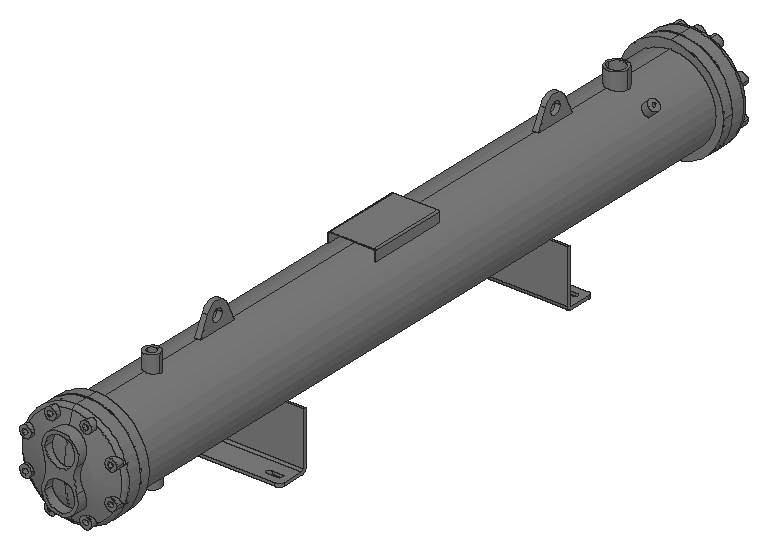
Revit family "MIT-BC_120_4P", category Specialty Equipment, Revit 2022
Family settings
  Round Connector Dimension = Use Radius
  Part Type = Normal
  Work Plane-Based = No
  Always vertical = Yes
  Cut with Voids When Loaded = No
  Maintain Annotation Orientation = No
  Shared = No
  Room Calculation Point = No
Parameters
  URL = "https://en.ekinendustriyel.com/evaporators-and-condensers"
  Test Pressure = 64.35 bar
  Production Standard = "TS EN 13831"
  Operating Pressure = 45.0 bar
  Model = "MIT-BC 120_4P"
  Manufacturer = "Ekin Endüstriyel"
  Keynote = "Condensers"
  Description = "MIT- Condensers"
  Default Elevation = 0 mm
Reference planes
  plane 1 "Center (Front/Back)": y = 0
  plane 2: z = 0
  plane 3 "Center (Left/Right)": x = 0
Forms (mm)
  Extrusion 1, solid, material "Ekin Endustriyel-S235JR", detail levels medium+fine
    sketch origin (0, 0, 0) x (1, 0, 0) y (0, 0, 1)
      loop
        circle (0, 164.15) r 84.15
    from -677.708 to 682.368
  Extrusion 2, solid, material "Ekin Endustriyel-S235JR", detail levels fine
    sketch origin (0, 0, 0) x (1, 0, 0) y (0, 0, 1)
      loop
        line (-45, 235.88) -> (-44, 235.88) -> (-44, 252.88)
        arc (-44, 252.88) -> (-43.414, 254.294) -> (-42, 254.88) r 2
        line (-42, 254.88) -> (42, 254.88)
        arc (42, 254.88) -> (43.414, 254.294) -> (44, 252.88) r 2
        line (44, 252.88) -> (44, 235.88) -> (45, 235.88) -> (45, 252.88)
        arc (45, 252.88) -> (44.121, 255.002) -> (42, 255.88) r 3
        line (42, 255.88) -> (-42, 255.88)
        arc (-42, 255.88) -> (-44.121, 255.002) -> (-45, 252.88) r 3
        line (-45, 252.88) -> (-45, 235.88)
    from -72.707 to 77.293
  Extrusion 3, solid, material "Ekin Endustriyel-S235JR", detail levels fine
    sketch origin (0, 297.897, 0) x (1, 0, 0) y (0, 1, 0)
      loop
        circle (1.19, 249.81) r 20.25
      loop
        circle (1.19, 249.81) r 16.251
    from 278.3 to 204.31
  Extrusion 4, solid, material "Ekin Endustriyel-S235JR", detail levels fine
    sketch origin (0, -301.958, 0) x (1, 0, 0) y (0, 1, 0)
      loop
        circle (1.19, -250.334) r 15.25
      loop
        circle (1.19, -250.334) r 8.928
    from 278.3 to 211.07
  Extrusion 5, solid, material "Ekin Endustriyel-S235JR", detail levels fine
    sketch origin (71.72, 547.563, 235.87) x (0, 1, 0) y (-0.707107, 0, 0.707107)
      loop
        circle (0, 0) r 11
      loop
        circle (0, 0) r 4.216
    from 0 to -32.02
  Extrusion 6, solid, material "Ekin Endustriyel-S235JR", detail levels fine
    sketch origin (0, -302.583, 0) x (1, 0, 0) y (0, 1, 0)
      loop
        circle (1.19, -249.709) r 16.75
      loop
        circle (1.19, -249.709) r 13.335
    from 51.131 to 169.15
  Extrusion 7, solid, material "Ekin Endustriyel-S235JR", detail levels medium+fine
    sketch origin (0, -352.034, 0) x (1, 0, 0) y (0, 0, 1)
      loop
        circle (0, 164.15) r 100
    from 330.334 to 350.334
  Extrusion 8, solid, material "Ekin Endustriyel-S235JR", detail levels medium+fine
    sketch origin (0, 978.042, 0) x (1, 0, 0) y (0, 0, 1)
      loop
        circle (0, 164.15) r 100
    from 280.334 to 300.334
  Revolve 9, solid, material "Ekin Endustriyel-S235JR", detail levels medium+fine
    sketch origin (0, -352.034, 0) x (0, 1, 0) y (0, 0, 1)
      loop
        line (-352.334, 264.15) -> (-377.299, 264.15)
        arc (-377.299, 264.15) -> (-382.802, 262.5) -> (-386.489, 258.094) r 10
        arc (-386.489, 258.094) -> (-401.262, 212.101) -> (-407.122, 164.15) r 255.705
        line (-407.122, 164.15) -> (-352.334, 164.15) -> (-352.334, 264.15)
      axis (-352.334, 164.15) -> (-407.122, 164.15)
    angle from 0 to 360
  Extrusion 10, solid, material "Ekin Endustriyel-S235JR", detail levels medium+fine
    sketch origin (0, 347.373, 0) x (1, 0, 0) y (0, 0, -1)
      loop
        circle (0, -164.15) r 100
    from 330.334 to 350.334
  Revolve 11, solid, material "Ekin Endustriyel-S235JR", detail levels medium+fine
    sketch origin (0, 347.373, 0) x (0, -1, 0) y (0, 0, -1)
      loop
        line (-352.334, -264.15) -> (-352.334, -164.15) -> (-407.122, -164.15)
        arc (-407.122, -164.15) -> (-401.262, -212.101) -> (-386.489, -258.094) r 255.705
        arc (-386.489, -258.094) -> (-382.802, -262.5) -> (-377.299, -264.15) r 10
        line (-377.299, -264.15) -> (-352.334, -264.15)
      axis (-352.334, -164.15) -> (-407.122, -164.15)
    angle from 0 to 360
  Extrusion 12, solid, material "Ekin Endustriyel-S235JR", detail levels coarse
    sketch origin (0, 0, 0) x (1, 0, 0) y (0, 0, 1)
      loop
        circle (0, 164.159) r 99.991
    from -754.707 to 769.293
  Extrusion 13, solid, material "Ekin Endustriyel-S235JR"
    sketch origin (0, 173.042, 0) x (0, 1, 0) y (0, 0, 1)
      loop
        arc (134.666, 9) -> (137.302, 2.636) -> (143.666, 0) r 9
        line (143.666, 0) -> (194.666, 0) -> (194.666, 5) -> (143.666, 5)
        arc (143.666, 5) -> (140.837, 6.172) -> (139.666, 9) r 4
        line (139.666, 9) -> (139.666, 110) -> (134.666, 110) -> (134.666, 9)
    from -100 to 100
  Extrusion 14, void
    sketch origin (0, 367.707, 5) x (0, -1, 0) y (1, 0, 0)
      loop
        line (25.25, 63.5) -> (25.25, 83.5)
        arc (25.25, 83.5) -> (20, 88.75) -> (14.75, 83.5) r 5.25
        line (14.75, 83.5) -> (14.75, 63.5)
        arc (14.75, 63.5) -> (20, 58.25) -> (25.25, 63.5) r 5.25
      loop
        line (10, 100) -> (-10, 100) -> (-10, -100) -> (10, -100)
        arc (10, -100) -> (2.929, -97.071) -> (0, -90) r 10
        line (0, -90) -> (0, 90)
        arc (0, 90) -> (2.929, 97.071) -> (10, 100) r 10
      loop
        arc (14.75, -83.5) -> (20, -88.75) -> (25.25, -83.5) r 5.25
        line (25.25, -83.5) -> (25.25, -63.5)
        arc (25.25, -63.5) -> (20, -58.25) -> (14.75, -63.5) r 5.25
        line (14.75, -63.5) -> (14.75, -83.5)
    from -5 to 0
  Extrusion 15, solid, material "Ekin Endustriyel-S235JR"
    sketch origin (0, -177.627, 0) x (0, -1, 0) y (0, 0, -1)
      loop
        line (134.666, -9) -> (134.666, -110) -> (139.666, -110) -> (139.666, -9)
        arc (139.666, -9) -> (140.837, -6.172) -> (143.666, -5) r 4
        line (143.666, -5) -> (194.666, -5) -> (194.666, 0) -> (143.666, 0)
        arc (143.666, 0) -> (137.302, -2.636) -> (134.666, -9) r 9
    from -100 to 100
  Extrusion 16, void
    sketch origin (0, -372.293, 5) x (0, 1, 0) y (-1, 0, 0)
      loop
        arc (25.25, -63.5) -> (20, -58.25) -> (14.75, -63.5) r 5.25
        line (14.75, -63.5) -> (14.75, -83.5)
        arc (14.75, -83.5) -> (20, -88.75) -> (25.25, -83.5) r 5.25
        line (25.25, -83.5) -> (25.25, -63.5)
      loop
        arc (10, -100) -> (2.929, -97.071) -> (0, -90) r 10
        line (0, -90) -> (0, 90)
        arc (0, 90) -> (2.929, 97.071) -> (10, 100) r 10
        line (10, 100) -> (-10, 100) -> (-10, -100) -> (10, -100)
      loop
        line (14.75, 83.5) -> (14.75, 63.5)
        arc (14.75, 63.5) -> (20, 58.25) -> (25.25, 63.5) r 5.25
        line (25.25, 63.5) -> (25.25, 83.5)
        arc (25.25, 83.5) -> (20, 88.75) -> (14.75, 83.5) r 5.25
    from -5 to 0
  Extrusion 17, solid, material "Ekin Endustriyel-S235JR", detail levels medium+fine
    sketch origin (40, -352.034, 0) x (1, 0, 0) y (0, 0, 1)
      loop
        circle (-38.81, 201.65) r 28.5
      loop
        circle (-38.81, 126.65) r 28.5
      loop
        arc (-8.128, 185.875) -> (-37.187, 236.112) -> (-70.839, 188.829) r 34.5
        arc (-70.839, 188.829) -> (-65.102, 164.15) -> (-70.839, 139.471) r 55.945
        arc (-70.839, 139.471) -> (-38.81, 92.15) -> (-6.781, 139.471) r 34.5
        arc (-6.781, 139.471) -> (-12.495, 162.527) -> (-8.128, 185.875) r 55.945
    from 390.526 to 417.259
  Extrusion 18, solid, material "Ekin Endustriyel-S235JR", detail levels medium+fine
    sketch origin (0, 348.042, 0) x (1, 0, 0) y (0, 0, 1)
      loop
        circle (-80.837, 197.64) r 11
      loop
        circle (-80.837, 197.64) r 5.497
      loop
        circle (-80.837, 130.66) r 11
      loop
        circle (-80.837, 130.66) r 5.497
      loop
        circle (80.837, 197.64) r 11
      loop
        circle (80.837, 197.64) r 5.497
      loop
        circle (80.837, 130.66) r 11
      loop
        circle (80.837, 130.66) r 5.497
      loop
        circle (33.49, 244.987) r 11
      loop
        circle (33.49, 244.987) r 5.497
      loop
        circle (-33.49, 244.987) r 11
      loop
        circle (-33.49, 244.987) r 5.497
      loop
        circle (33.49, 83.313) r 11
      loop
        circle (33.49, 83.313) r 5.497
      loop
        circle (-33.49, 83.313) r 11
      loop
        circle (-33.49, 83.313) r 5.497
      loop
        circle (0, 246.649) r 12.497
      loop
        circle (0, 246.649) r 5.497
      loop
        circle (0, 81.651) r 12.497
      loop
        circle (0, 81.651) r 5.497
    from -396.666 to -367.889
  Extrusion 19, solid, material "Ekin Endustriyel-S235JR", detail levels medium+fine
    sketch origin (0, -352.034, 0) x (1, 0, 0) y (0, 0, -1)
      loop
        circle (-80.837, -197.64) r 11
      loop
        circle (-80.837, -197.64) r 5.497
      loop
        circle (-80.837, -130.66) r 11
      loop
        circle (-80.837, -130.66) r 5.497
      loop
        circle (80.837, -197.64) r 11
      loop
        circle (80.837, -197.64) r 5.497
      loop
        circle (80.837, -130.66) r 11
      loop
        circle (80.837, -130.66) r 5.497
      loop
        circle (33.49, -244.987) r 11
      loop
        circle (33.49, -244.987) r 5.497
      loop
        circle (-33.49, -244.987) r 11
      loop
        circle (-33.49, -244.987) r 5.497
      loop
        circle (33.49, -83.313) r 11
      loop
        circle (33.49, -83.313) r 5.497
      loop
        circle (-33.49, -83.313) r 11
      loop
        circle (-33.49, -83.313) r 5.497
    from -396.666 to -367.889
  Extrusion 20, solid, material "Ekin Endustriyel-S235JR", detail levels medium+fine
    sketch origin (0, 348.042, 0) x (1, 0, 0) y (0, 0, 1)
      loop
        circle (-35.355, 199.505) r 22
      loop
        circle (35.355, 128.795) r 22
    from -406.666 to -351.666
  Extrusion 21, solid, material "Ekin Endustriyel-S235JR", detail levels fine
    sketch origin (0, -0.334, 0) x (0, -1, 0) y (0, 0, -1)
      loop
        line (-438.042, -248.151) -> (-420.514, -284.106)
        arc (-420.514, -284.106) -> (-398.042, -298.151) -> (-375.57, -284.106) r 25
        line (-375.57, -284.106) -> (-358.042, -248.151) -> (-438.042, -248.151)
      loop
        circle (-398.042, -273.151) r 12.5
      loop
        line (441.958, -248.151) -> (361.958, -248.151) -> (379.486, -284.106)
        arc (379.486, -284.106) -> (401.958, -298.151) -> (424.43, -284.106) r 25
        line (424.43, -284.106) -> (441.958, -248.151)
      loop
        circle (401.958, -273.151) r 12.5
    from -5 to 5
Cuts and joins
  Extrusion 14, Extrusion 16 cuts Extrusion 13
  Extrusion 16 cuts Extrusion 15
Dimensions and locks
  aligned and locked: level to plane 2
Connectors
  piping at (1.19, -769.293, 201.65), diameter 50.8
    settings: on Extrusion 17, index 1, connector inside diameter 609.6 mm, connector length 0 mm, flow factor 0, pipe flow 0.0 L/s, pressure drop 0.0 Pa, fitting loss kfactor 0, connector angle 0.00°, fixture units 0, engagement length 0 mm, angle of deflection 0.00°, flow configuration 0, flow direction 1, fitting loss method 0, system type 7, joint type 0, gender type 0, connector reference index -1, connector utility 0, adjustable connector no, is connector primary yes, connector description ""
  piping at (1.19, -769.293, 126.65), diameter 50.8
    settings: on Extrusion 17, index 2, connector inside diameter 609.6 mm, connector length 0 mm, flow factor 0, pipe flow 0.0 L/s, pressure drop 0.0 Pa, fitting loss kfactor 0, connector angle 0.00°, fixture units 0, engagement length 0 mm, angle of deflection 0.00°, flow configuration 0, flow direction 2, fitting loss method 0, system type 7, joint type 0, gender type 0, connector reference index -1, connector utility 0, adjustable connector no, is connector primary no, connector description ""
  hvac at (1.19, 547.707, 278.3)
    settings: on Extrusion 3, index 3, duct flow 0.0 L/s, flow factor 0, pres drop 0.0 bar, loss coef 0, conn angle 0.00°, conn width 304.8 mm, conn height 304.8 mm, conn diameter 35 mm, duct sys type 3, conn prof type 0, flow config 0, flow direction 0, loss method 0, conn ref index -1, conn util no, is conn primary yes, conn desc ""
  hvac at (1.19, -552.293, 51.131)
    settings: on Extrusion 6, index 4, duct flow 0.0 L/s, flow factor 0, pres drop 0.0 bar, loss coef 0, conn angle 0.00°, conn width 304.8 mm, conn height 304.8 mm, conn diameter 28 mm, duct sys type 3, conn prof type 0, flow config 0, flow direction 0, loss method 0, conn ref index -1, conn util no, is conn primary no, conn desc ""
